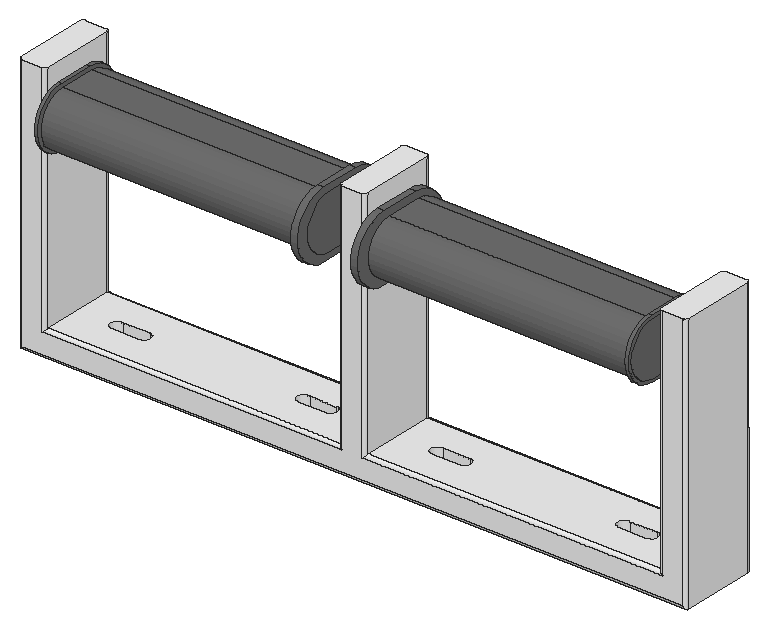
Revit family "Toilet-Tissue-Dispenser_Bobrick_B-2740", category Specialty Equipment, Revit 2015
Parameters
  offset [instance] = 0' - 0"
  Warranty Duration (Years) = 0
  Unit Width = 1' - 0 1/2"
  Unit Height = 0' - 1 1/2"
  Unit Depth = 0' - 4 7/8"
  URL = "http://www.bobrick.com/Pages/default.aspx"
  Spindle = Plastic - Bobrick - Black
  Specification = ""
  SpecWizard = ""
  Send Message = "http://www.arcat.com/users.pl?action=UserEmail&company=Bobrick+Washroom+Equipment,+Inc.&coid=30988&rep=156&fax=818-503-1930&mf="
  Sales Information = "http://www.bobrick.com/Pages/ContactUs.aspx"
  Revision = "R1_10-2012"
  Product Properties = ""
  Product Data = "http://arcat.com/arcatcos/cos30/arc30988.html?isac=1&r=1"
  Model = "As Specified"
  Manufacturer Website = "http://www.bobrick.com/Pages/default.aspx"
  Manufacturer Phone - Toll Free = ""
  Manufacturer Phone = "818-764-1000"
  Manufacturer Fax = "818-503-1930"
  Manufacturer Address = "11611 Hart St. North Hollywood, CA 91605-5882"
  Manufacturer = "Bobrick Washroom Equipment, Inc."
  Maintenance Schedule (Months) = 0
  Keynote = "102813"
  Installation-Fabrication = "http://www.bobrick.com/washroomaccessories/Pages/WashroomAccessories.aspx"
  Installation Phase = ""
  Green Building-LEED = ""
  Frame Material = Aluminum - Bobrick - Satin
  Expected Lifespan (Years) = 0
  Drawn By = "Sumex Design, Inc. / Robert S. Weygant, CSI, CDT, SCIP"
  Description = "Bobrick Washroom Accessory as Specified"
  Default Elevation = 4' - 0"
  Copyright = "©Arcat Inc."
  Construction Details = ""
  Capacity = "Two Standard Core Toilet Tissue Rolls up to 6\" Diameter"
  Assembly Code = "E1090900"
Reference planes (in)
  plane 1 "Center (Front/Back)": y = 0
  plane 2 "Bottom": z = 0
  plane 3 "Center (Left/Right)": x = 0
  plane 4 "Front": y = -0.75
  plane 5 "Back": y = 0.75
  plane 6 "Right": x = 6.25
  plane 7 "Left": x = -6.25
  plane 8 "Top": z = 4.875
  plane 9: x = -5
  plane 10: x = -4.5
  plane 11: x = -1.5
  plane 12: x = -1
  plane 13: x = 1
  plane 14: x = 1.5
  plane 15: x = 4.5
  plane 16: x = 5
Forms (in)
  Sweep 1, solid, material "Aluminum - Bobrick - Satin" <- "Frame Material"
    path origin (0, 0, 0) x (1, 0, 0) y (0, 0, 1)
      loop
        line (-6.25, 4.875) -> (-6.25, 0) -> (6.25, 0) -> (6.25, 4.875)
    profile origin (-6.25, 0, 2.4375) x (0, -1, 0) y (1, 0, 0)
      loop
        arc (-0.75, 0.0625) -> (-0.73169, 0.01831) -> (-0.6875, 0) r 0.0625
        line (-0.6875, 0) -> (0.6875, 0)
        arc (0.6875, 0) -> (0.73169, 0.01831) -> (0.75, 0.0625) r 0.0625
        line (0.75, 0.0625) -> (0.75, 0.4375)
        arc (0.75, 0.4375) -> (0.73169, 0.48169) -> (0.6875, 0.5) r 0.0625
        line (0.6875, 0.5) -> (-0.6875, 0.5)
        arc (-0.6875, 0.5) -> (-0.73169, 0.48169) -> (-0.75, 0.4375) r 0.0625
        line (-0.75, 0.4375) -> (-0.75, 0.0625)
  Extrusion 2, solid, material "Aluminum - Bobrick - Satin" <- "Frame Material"
    sketch origin (0, 0, 0) x (1, 0, 0) y (0, 1, 0)
      loop
        arc (-0.1875, 0.75) -> (-0.23169, 0.73169) -> (-0.25, 0.6875) r 0.0625
        line (-0.25, 0.6875) -> (-0.25, -0.6875)
        arc (-0.25, -0.6875) -> (-0.23169, -0.73169) -> (-0.1875, -0.75) r 0.0625
        line (-0.1875, -0.75) -> (0.1875, -0.75)
        arc (0.1875, -0.75) -> (0.23169, -0.73169) -> (0.25, -0.6875) r 0.0625
        line (0.25, -0.6875) -> (0.25, 0.6875)
        arc (0.25, 0.6875) -> (0.23169, 0.73169) -> (0.1875, 0.75) r 0.0625
        line (0.1875, 0.75) -> (-0.1875, 0.75)
    from 0.19364 to 4.875
  Extrusion 3, solid
    sketch origin (0, 0, 0) x (0, 1, 0) y (0, 0, 1)
      loop
        circle (0, 4.125) r 0.25
    from -6.04687 to -5.5
  Extrusion 4, void
    sketch origin (0, 0, 0) x (0, 1, 0) y (0, 0, 1)
      loop
        circle (0, 4.125) r 0.25
    from -6.04687 to -0.04687
  Extrusion 5, void
    sketch origin (0, 0, 0) x (0, 1, 0) y (0, 0, -1)
      loop
        circle (0, -4.125) r 0.25
    from -6.04687 to -0.04687
  Extrusion 6, solid, material "Plastic - Bobrick - Black"
    sketch origin (5.42188, 0, 0) x (0, 1, 0) y (0, 0, 1)
      loop
        circle (0, 4.125) r 0.25
    from -6.04687 to -5.46875
  Extrusion 7, solid, material "Plastic - Bobrick - Black"
    sketch origin (-5.42188, 0, 0) x (0, 1, 0) y (0, 0, -1)
      loop
        circle (0, -4.125) r 0.25
    from -6.04687 to -5.46875
  Extrusion 8, solid, material "Plastic - Bobrick - Black"
    sketch origin (0, 0, 0) x (0, 1, 0) y (0, 0, -1)
      loop
        circle (0, -4.125) r 0.25
    from -6.04687 to -5.5
  Extrusion 9, solid, material "Plastic - Bobrick - Black"
    sketch origin (-5.5, 0, 0) x (0, 1, 0) y (0, 0, 1)
      loop
        arc (0, 3.5625) -> (0.5625, 4.125) -> (0, 4.6875) r 0.5625
        line (0, 4.6875) -> (-0.67187, 4.6875)
        arc (-0.67187, 4.6875) -> (-1.23438, 4.125) -> (-0.67188, 3.5625) r 0.5625
        line (-0.67188, 3.5625) -> (0, 3.5625)
    from 0 to -0.0625
  Extrusion 10, solid, material "Plastic - Bobrick - Black"
    sketch origin (5.5, 0, 0) x (0, 1, 0) y (0, 0, -1)
      loop
        line (0, -3.5625) -> (-0.67188, -3.5625)
        arc (-0.67188, -3.5625) -> (-1.23438, -4.125) -> (-0.67187, -4.6875) r 0.5625
        line (-0.67187, -4.6875) -> (0, -4.6875)
        arc (0, -4.6875) -> (0.5625, -4.125) -> (0, -3.5625) r 0.5625
    from 0 to -0.0625
  Extrusion 11, solid, material "Plastic - Bobrick - Black"
    sketch origin (-0.625, 0, 0) x (0, -1, 0) y (0, 0, 1)
      loop
        arc (0.03125, 4.75) -> (-0.59375, 4.125) -> (0.03125, 3.5) r 0.625
        line (0.03125, 3.5) -> (0.78125, 3.5)
        arc (0.78125, 3.5) -> (1.40625, 4.125) -> (0.78125, 4.75) r 0.625
        line (0.78125, 4.75) -> (0.03125, 4.75)
    from 0 to -0.125
  Extrusion 12, solid, material "Plastic - Bobrick - Black"
    sketch origin (0.625, 0, 0) x (0, -1, 0) y (0, 0, -1)
      loop
        line (0.03125, -4.75) -> (0.78125, -4.75)
        arc (0.78125, -4.75) -> (1.40625, -4.125) -> (0.78125, -3.5) r 0.625
        line (0.78125, -3.5) -> (0.03125, -3.5)
        arc (0.03125, -3.5) -> (-0.59375, -4.125) -> (0.03125, -4.75) r 0.625
    from 0 to -0.125
  Extrusion 13, solid, material "Plastic - Bobrick - Black"
    sketch origin (0, 0, 0) x (0, 1, 0) y (0, 0, 1)
      loop
        arc (0, 3.625) -> (0.5, 4.125) -> (0, 4.625) r 0.5
        line (0, 4.625) -> (-0.67187, 4.625)
        arc (-0.67187, 4.625) -> (-1.17187, 4.125) -> (-0.67187, 3.625) r 0.5
        line (-0.67187, 3.625) -> (0, 3.625)
    from -5.5625 to -0.5
  Extrusion 14, solid, material "Plastic - Bobrick - Black"
    sketch origin (0, 0, 0) x (0, 1, 0) y (0, 0, -1)
      loop
        line (0, -3.625) -> (-0.67187, -3.625)
        arc (-0.67187, -3.625) -> (-1.17187, -4.125) -> (-0.67187, -4.625) r 0.5
        line (-0.67187, -4.625) -> (0, -4.625)
        arc (0, -4.625) -> (0.5, -4.125) -> (0, -3.625) r 0.5
    from -5.5625 to -0.5
  Extrusion 15, void
    sketch origin (0, 0, 0) x (1, 0, 0) y (0, 1, 0)
      loop
        arc (-5, 0.125) -> (-5.125, 0) -> (-5, -0.125) r 0.125
        line (-5, -0.125) -> (-4.5, -0.125)
        arc (-4.5, -0.125) -> (-4.375, 0) -> (-4.5, 0.125) r 0.125
        line (-4.5, 0.125) -> (-5, 0.125)
      loop
        arc (-1.5, 0.125) -> (-1.625, 0) -> (-1.5, -0.125) r 0.125
        line (-1.5, -0.125) -> (-1, -0.125)
        arc (-1, -0.125) -> (-0.875, 0) -> (-1, 0.125) r 0.125
        line (-1, 0.125) -> (-1.5, 0.125)
      loop
        arc (1, 0.125) -> (0.875, 0) -> (1, -0.125) r 0.125
        line (1, -0.125) -> (1.5, -0.125)
        arc (1.5, -0.125) -> (1.625, 0) -> (1.5, 0.125) r 0.125
        line (1.5, 0.125) -> (1, 0.125)
      loop
        arc (4.5, 0.125) -> (4.375, 0) -> (4.5, -0.125) r 0.125
        line (4.5, -0.125) -> (5, -0.125)
        arc (5, -0.125) -> (5.125, 0) -> (5, 0.125) r 0.125
        line (5, 0.125) -> (4.5, 0.125)
    from 0 to 0.64075
Cuts and joins
  Extrusion 4, Extrusion 5, Extrusion 15 cuts Sweep 1
  Extrusion 4, Extrusion 5, Extrusion 15 cuts Extrusion 2
  joined: Sweep 1, Extrusion 2
  Extrusion 15 cuts Extrusion 6
  Extrusion 15 cuts Extrusion 7
  Extrusion 15 cuts Extrusion 11
  Extrusion 15 cuts Extrusion 12
  Extrusion 15 cuts Extrusion 13
  Extrusion 15 cuts Extrusion 14
Dimensions and locks (in)
  equal spacing: plane 5 "Back", plane 1 "Center (Front/Back)", plane 4 "Front"
  equal spacing: Sweep 1 sketch curve, plane 3 "Center (Left/Right)", Sweep 1 sketch curve
  "Unit Width": plane 7 "Left" to plane 6 "Right"
  "Unit Depth": plane 8 "Top" to level
  "Unit Height": plane 5 "Back" to plane 4 "Front"
Automatic sketch dimensions
  Sweep 1 sketch curve to level = 0' - 0"
  Sweep 1 sketch curve to plane 7 "Left" = 0' - 0"
  Sweep 1 sketch curve to plane 8 "Top" = 0' - 0"  (x2)
  Sweep 1 sketch curve to profile plane = 0' - 0"
  Sweep 1 sketch curve to profile plane = 0' - 0 1/16"  (x2)
  Sweep 1 sketch curve to plane 1 "Center (Front/Back)" = 0' - 0 3/4"
  Sweep 1 sketch curve to Sweep 1 sketch curve = 0' - 0 1/16"
  plane 1 "Center (Front/Back)" to Sweep 1 sketch curve = 0' - 0 11/16"
  Sweep 1 sketch curve to Sweep 1 sketch curve = 0' - 0"
  Sweep 1 sketch curve to Sweep 1 sketch curve = 0' - 0 3/8"
  Extrusion 2 sketch curve to plane 4 "Front" = 0' - 0"
  Extrusion 2 sketch curve to plane 5 "Back" = 0' - 0"
  plane 4 "Front" to Extrusion 2 sketch curve = 0' - 0 1/16"
  Extrusion 2 sketch curve to plane 3 "Center (Left/Right)" = 0' - 0 1/4"
  Extrusion 2 sketch curve to Extrusion 2 sketch curve = 0' - 0 1/16"
  plane 3 "Center (Left/Right)" to Extrusion 2 sketch curve = 0' - 0 3/16"  (x2)
  Extrusion 2 sketch curve to plane 5 "Back" = 0' - 0 1/16"
  Extrusion 3 sketch curve to plane 1 "Center (Front/Back)" = 0' - 0"
  Extrusion 3 sketch curve to plane 8 "Top" = 0' - 0 3/4"
  Extrusion 4 sketch curve to plane 1 "Center (Front/Back)" = 0' - 0"
  Extrusion 4 sketch curve to plane 8 "Top" = 0' - 0 3/4"
  Extrusion 5 sketch curve to plane 1 "Center (Front/Back)" = 0' - 0"
  Extrusion 5 sketch curve to plane 8 "Top" = 0' - 0 3/4"
  Extrusion 6 sketch curve to plane 1 "Center (Front/Back)" = 0' - 0"
  Extrusion 6 sketch curve to plane 8 "Top" = 0' - 0 3/4"
  Extrusion 7 sketch curve to plane 1 "Center (Front/Back)" = 0' - 0"
  Extrusion 7 sketch curve to plane 8 "Top" = 0' - 0 3/4"
  Extrusion 8 sketch curve to plane 1 "Center (Front/Back)" = 0' - 0"
  Extrusion 8 sketch curve to plane 8 "Top" = 0' - 0 3/4"
  Extrusion 9 sketch curve to Extrusion 9 sketch curve = 0' - 0 43/64"
  Extrusion 9 sketch curve to Extrusion 9 sketch curve = 0' - 0"
  Extrusion 10 sketch curve to plane 1 "Center (Front/Back)" = 0' - 0"  (x2)
  plane 4 "Front" to Extrusion 10 sketch curve = 0' - 0 5/64"
  Extrusion 10 sketch curve to plane 8 "Top" = 0' - 0 3/16"
  Extrusion 10 sketch curve to Extrusion 10 sketch curve = 0' - 0 9/16"
  Extrusion 11 sketch curve to Extrusion 11 sketch curve = 0' - 0 3/4"
  Extrusion 11 sketch curve to Extrusion 11 sketch curve = 0' - 0 5/8"
  plane 1 "Center (Front/Back)" to Extrusion 12 sketch curve = 0' - 0 1/32"
  Extrusion 12 sketch curve to plane 4 "Front" = 0' - 0 1/32"
  Extrusion 12 sketch curve to plane 8 "Top" = 0' - 0 1/8"
  Extrusion 12 sketch curve to Extrusion 12 sketch curve = 0' - 0 5/8"
  Extrusion 13 sketch curve to plane 1 "Center (Front/Back)" = 0' - 0"  (x2)
  plane 4 "Front" to Extrusion 13 sketch curve = 0' - 0 5/64"
  Extrusion 13 sketch curve to Extrusion 13 sketch curve = 0' - 0"
  Extrusion 13 sketch curve to plane 8 "Top" = 0' - 1 1/4"
  Extrusion 13 sketch curve to Extrusion 13 sketch curve = 0' - 0 1/2"
  Extrusion 14 sketch curve to plane 1 "Center (Front/Back)" = 0' - 0"  (x2)
  plane 4 "Front" to Extrusion 14 sketch curve = 0' - 0 5/64"
  Extrusion 14 sketch curve to Extrusion 14 sketch curve = 0' - 0"
  Extrusion 14 sketch curve to plane 8 "Top" = 0' - 0 1/4"
  Extrusion 14 sketch curve to Extrusion 14 sketch curve = 0' - 0 1/2"
  Extrusion 15 sketch curve to plane 1 "Center (Front/Back)" = 0' - 0"  (x4)
  Extrusion 15 sketch curve to plane 9 = 0' - 0"  (x2)
  Extrusion 15 sketch curve to plane 10 = 0' - 0"  (x2)
  Extrusion 15 sketch curve to plane 11 = 0' - 0"
  Extrusion 15 sketch curve to plane 12 = 0' - 0"
  Extrusion 15 sketch curve to plane 13 = 0' - 0"
  Extrusion 15 sketch curve to plane 14 = 0' - 0"
  Extrusion 15 sketch curve to plane 15 = 0' - 0"
  Extrusion 15 sketch curve to plane 16 = 0' - 0"
  plane 1 "Center (Front/Back)" to Extrusion 15 sketch curve = 0' - 0 1/8"  (x4)
  radius of Extrusion 3 sketch curve = 0' - 0 1/4"
  radius of Extrusion 4 sketch curve = 0' - 0 1/4"
  radius of Extrusion 5 sketch curve = 0' - 0 1/4"
  radius of Extrusion 6 sketch curve = 0' - 0 1/4"
  radius of Extrusion 7 sketch curve = 0' - 0 1/4"
  radius of Extrusion 8 sketch curve = 0' - 0 1/4"
  radius of Extrusion 3 to Extrusion 9 sketch curve = 0' - 0 5/16"
